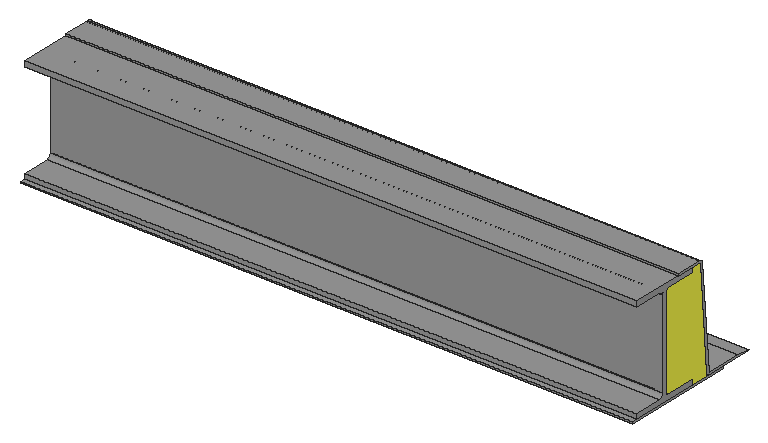
Revit family "XK 90", category Generic Models, Revit 2014
Parameters (values of type "Max lintel length 6600mm")
  URL = "http://www.keystonelintels.co.uk"
  Structural Opening [instance] = 900 mm
  Structural Performance = "The Keystone lintel range has safe working loads as detailed in each applicable loading table in the Keystone Lintel Guide brochure. The structural performance figures within each table have been ascertained by testing in accordance with the requirements of standards BS EN 5977-2: 1983 and BS EN 845-2: 2003."
  RIBA Productor Selector = "available for Keystone Lintels Ltd from Keystone Lintels Ltd from ribaproductselector.com"
  Model = "X/K 90"
  Min Length = 600 mm
  Min Clear Span = 300 mm
  Max Length = 6600 mm
  Max Clear Span = 6600 mm
  Material - Stainless Steel = "Grade 304 2b 1.4307 to BS EN 10088-2. Other grades available on request: contact manufacturer."
  Material - Galvanised Steel = "To BS EN 10346: 2009. DX51D plus Z600 or grade Z275 to BS 5977-2: 1983 (BS EN 845-2: 2003)."
  Manufacturer = "Keystone"
  Manufactured Length [instance] = (roundup(Effective Length / 150 mm) * 150 mm)  # 1200 mm
  Lintel height [instance] = 2100 mm
  Keynote = "F30/755"
  Fire Performance = "Keystone lintels have been subjected to a fire test (WARRES No. 101263) in accordance with BS 476-20: 1987, at Exova Warrington Fire and achieved a one hour fire performance."
  End Bearing = 150 mm
  Effective Length [instance] = Clear Opening with MIN MAX set + End Bearing * 2  # 1200 mm
  Corrosion = "Keystone’s standard range of lintels are manufactured from high quality grade pre-galvanized carbon steel with a zinc coating of 600"
  Contact Tel = "+44 (0)28 8676 2184"
  Contact Email = "info@keystonelintels.co.uk"
  Clear Opening with MIN MAX set [instance] = if(Structural Opening < Min Clear Span, Min Clear Span, (if(Structural Opening > Max Clear Span, Max Clear Span, Structural Opening)))  # 900 mm
  CPD Information = "Available for Keystone Lintels Ltd from ribacpd.com"
Reference planes
  plane 1 "Center (Front/Back)": y = 0
  plane 2: z = 0
  plane 3 "Center (Left/Right)": x = 0
  plane 4: x = -600
  plane 5: x = 600
  plane 6: z = 2100
  plane 7: x = -450
  plane 8: x = 450
Forms (mm)
  Extrusion 1, solid, material "Steel"
    sketch origin (0, 684.158, -506.841) x (0, 1, 0) y (0, 0, 1)
      loop
        line (-600.602, 2606.841) -> (-575.617, 2605.979) -> (-575.507, 2609.177) -> (-600.492, 2610.041) -> (-671.648, 2610.041)
        arc (-671.648, 2610.041) -> (-672.872, 2610.522) -> (-673.443, 2611.706) r 1.8
        line (-673.443, 2611.706) -> (-688.493, 2812.143)
        arc (-688.493, 2812.143) -> (-690.174, 2815.491) -> (-693.669, 2816.841) r 5.2
        line (-693.669, 2816.841) -> (-746.169, 2816.841) -> (-746.169, 2813.641) -> (-693.669, 2813.641)
        arc (-693.669, 2813.641) -> (-692.335, 2813.131) -> (-691.681, 2811.86) r 2
        line (-691.681, 2811.86) -> (-676.634, 2611.467)
        arc (-676.634, 2611.467) -> (-675.049, 2608.176) -> (-671.648, 2606.841) r 5
        line (-671.648, 2606.841) -> (-600.602, 2606.841)
    from -600 to 600
  Extrusion 2, solid, material "Steel"
    sketch origin (0, 684.158, -506.841) x (0, 1, 0) y (0, 0, 1)
      loop
        line (-638.466, 2603.641) -> (-638.466, 2606.841) -> (-858.466, 2606.841) -> (-858.466, 2603.641) -> (-638.466, 2603.641)
    from -600 to 600
  Extrusion 3, solid, material "Steel"
    sketch origin (0, 684.158, -506.841) x (0, 1, 0) y (0, 0, 1)
      loop
        line (-848.466, 2606.841) -> (-714.566, 2606.841) -> (-714.566, 2616.441) -> (-770.716, 2616.441)
        arc (-770.716, 2616.441) -> (-776.09, 2618.667) -> (-778.316, 2624.041) r 7.6
        line (-778.316, 2624.041) -> (-778.316, 2796.441)
        arc (-778.316, 2796.441) -> (-776.09, 2801.815) -> (-770.716, 2804.041) r 7.6
        line (-770.716, 2804.041) -> (-714.566, 2804.041) -> (-714.566, 2813.641) -> (-848.466, 2813.641) -> (-848.466, 2804.041) -> (-792.316, 2804.041)
        arc (-792.316, 2804.041) -> (-786.942, 2801.815) -> (-784.716, 2796.441) r 7.6
        line (-784.716, 2796.441) -> (-784.716, 2624.041)
        arc (-784.716, 2624.041) -> (-786.942, 2618.667) -> (-792.316, 2616.441) r 7.6
        line (-792.316, 2616.441) -> (-848.466, 2616.441) -> (-848.466, 2606.841)
    from -600 to 600
  Extrusion 4, solid, material "Insulation"
    sketch origin (0, 684.158, -506.841) x (0, 1, 0) y (0, 0, 1)
      loop
        line (-714.566, 2606.841) -> (-671.648, 2606.841)
        arc (-671.648, 2606.841) -> (-675.049, 2608.176) -> (-676.634, 2611.467) r 5
        line (-676.634, 2611.467) -> (-691.681, 2811.86)
        arc (-691.681, 2811.86) -> (-692.335, 2813.131) -> (-693.669, 2813.641) r 2
        line (-693.669, 2813.641) -> (-714.566, 2813.641) -> (-714.566, 2804.041) -> (-770.716, 2804.041)
        arc (-770.716, 2804.041) -> (-776.09, 2801.815) -> (-778.316, 2796.441) r 7.6
        line (-778.316, 2796.441) -> (-778.316, 2624.041)
        arc (-778.316, 2624.041) -> (-776.09, 2618.667) -> (-770.716, 2616.441) r 7.6
        line (-770.716, 2616.441) -> (-714.566, 2616.441) -> (-714.566, 2606.841)
    from -600 to 600
  Extrusion 5, solid, not visible
    sketch origin (0, 878.778, 1210.251) x (0, 1, 0) y (0, 0, 1)
      loop
        line (-600.602, 1006.841) -> (-575.617, 1005.979) -> (-575.507, 1009.177) -> (-600.492, 1010.041) -> (-671.648, 1010.041)
        arc (-671.648, 1010.041) -> (-672.872, 1010.522) -> (-673.443, 1011.706) r 1.8
        line (-673.443, 1011.706) -> (-688.493, 1212.143)
        arc (-688.493, 1212.143) -> (-690.174, 1215.491) -> (-693.669, 1216.841) r 5.2
        line (-693.669, 1216.841) -> (-746.169, 1216.841) -> (-746.169, 1213.641) -> (-693.669, 1213.641)
        arc (-693.669, 1213.641) -> (-692.335, 1213.131) -> (-691.681, 1211.86) r 2
        line (-691.681, 1211.86) -> (-676.634, 1011.467)
        arc (-676.634, 1011.467) -> (-675.049, 1008.176) -> (-671.648, 1006.841) r 5
        line (-671.648, 1006.841) -> (-600.602, 1006.841)
    from 0 to 250
  Extrusion 6, solid, not visible
    sketch origin (0, 560.853, 1174.714) x (0, 1, 0) y (0, 0, 1)
      loop
        line (-848.466, 1006.841) -> (-714.566, 1006.841) -> (-714.566, 1016.441) -> (-770.716, 1016.441)
        arc (-770.716, 1016.441) -> (-776.09, 1018.667) -> (-778.316, 1024.041) r 7.6
        line (-778.316, 1024.041) -> (-778.316, 1196.441)
        arc (-778.316, 1196.441) -> (-776.09, 1201.815) -> (-770.716, 1204.041) r 7.6
        line (-770.716, 1204.041) -> (-714.566, 1204.041) -> (-714.566, 1213.641) -> (-848.466, 1213.641) -> (-848.466, 1204.041) -> (-792.316, 1204.041)
        arc (-792.316, 1204.041) -> (-786.942, 1201.815) -> (-784.716, 1196.441) r 7.6
        line (-784.716, 1196.441) -> (-784.716, 1024.041)
        arc (-784.716, 1024.041) -> (-786.942, 1018.667) -> (-792.316, 1016.441) r 7.6
        line (-792.316, 1016.441) -> (-848.466, 1016.441) -> (-848.466, 1006.841)
    from 0 to 250
  Extrusion 7, solid, not visible
    sketch origin (0, 987.235, 992.411) x (0, 1, 0) y (0, 0, 1)
      loop
        line (-638.466, 1003.641) -> (-638.466, 1006.841) -> (-858.466, 1006.841) -> (-858.466, 1003.641) -> (-638.466, 1003.641)
    from 0 to 250
  Extrusion 8, solid, not visible
    sketch origin (0, 474.805, 812.836) x (0, 1, 0) y (0, 0, 1)
      loop
        line (-714.566, 1006.841) -> (-671.648, 1006.841)
        arc (-671.648, 1006.841) -> (-675.049, 1008.176) -> (-676.634, 1011.467) r 5
        line (-676.634, 1011.467) -> (-691.681, 1211.86)
        arc (-691.681, 1211.86) -> (-692.335, 1213.131) -> (-693.669, 1213.641) r 2
        line (-693.669, 1213.641) -> (-714.566, 1213.641) -> (-714.566, 1204.041) -> (-770.716, 1204.041)
        arc (-770.716, 1204.041) -> (-776.09, 1201.815) -> (-778.316, 1196.441) r 7.6
        line (-778.316, 1196.441) -> (-778.316, 1024.041)
        arc (-778.316, 1024.041) -> (-776.09, 1018.667) -> (-770.716, 1016.441) r 7.6
        line (-770.716, 1016.441) -> (-714.566, 1016.441) -> (-714.566, 1006.841)
    from 0 to 250
Lines and regions (mm)
  model lines
    curve 1: line (0, -164.308, 2100) -> (0, -174.308, 2100)
Dimensions and locks
  equal spacing: plane 4, plane 3 "Center (Left/Right)", plane 5
  "Manufactured Length": plane 4 to plane 5
  "Lintel height": plane 6 to level
  "Structural Opening": plane 7 to plane 8
  equal spacing: plane 7, plane 3 "Center (Left/Right)", plane 8
  aligned and locked: level to plane 2
  aligned and locked: Extrusion 1 to plane 6
  aligned and locked: Extrusion 4 to plane 6
  aligned and locked: Extrusion 3 to plane 6
  aligned and locked: plane 6 to Extrusion 2
  aligned and locked: plane 5 to Extrusion 2
  aligned and locked: Extrusion 2 to plane 4
  aligned and locked: plane 5 to Extrusion 3
  aligned and locked: Extrusion 3 to plane 4
  aligned and locked: plane 5 to Extrusion 1
  aligned and locked: Extrusion 1 to plane 4
  aligned and locked: plane 5 to Extrusion 4
  aligned and locked: Extrusion 4 to plane 4
Automatic sketch dimensions
  Extrusion 1 sketch curve to Extrusion 1 sketch curve = 24.985 mm
  Extrusion 1 sketch curve to Extrusion 1 sketch curve = 0.11 mm  (x2)
  Extrusion 1 sketch curve to Extrusion 1 sketch curve = 0.862 mm
  Extrusion 1 sketch curve to Extrusion 1 sketch curve = 3.2 mm
  Extrusion 1 sketch curve to Extrusion 1 sketch curve = 71.046 mm
  Extrusion 1 sketch curve to Extrusion 1 sketch curve = 1.8 mm
  Extrusion 1 sketch curve to Extrusion 1 sketch curve = 4.986 mm
  Extrusion 1 sketch curve to Extrusion 1 sketch curve = 1.795 mm
  Extrusion 1 sketch curve to Extrusion 1 sketch curve = 15.051 mm
  Extrusion 1 sketch curve to Extrusion 1 sketch curve = 200.436 mm
  Extrusion 1 sketch curve to Extrusion 1 sketch curve = 3.188 mm
  Extrusion 1 sketch curve to Extrusion 1 sketch curve = 0.282 mm
  Extrusion 1 sketch curve to Extrusion 1 sketch curve = 1.988 mm
  Extrusion 1 sketch curve to Extrusion 1 sketch curve = 0.219 mm
  Extrusion 1 sketch curve to Extrusion 1 sketch curve = 52.5 mm
  Extrusion 1 sketch curve to Extrusion 1 sketch curve = 0 mm  (x8)
  Extrusion 2 sketch curve to Extrusion 2 sketch curve = 220 mm
  Extrusion 2 sketch curve to Extrusion 2 sketch curve = 3.2 mm
  Extrusion 3 sketch curve to Extrusion 3 sketch curve = 133.9 mm
  Extrusion 3 sketch curve to Extrusion 3 sketch curve = 9.6 mm  (x3)
  Extrusion 3 sketch curve to Extrusion 3 sketch curve = 56.15 mm  (x2)
  Extrusion 3 sketch curve to Extrusion 3 sketch curve = 7.6 mm  (x3)
  Extrusion 3 sketch curve to Extrusion 3 sketch curve = 0 mm  (x2)
  Extrusion 3 sketch curve to Extrusion 3 sketch curve = 6.4 mm
  Extrusion 3 sketch curve to Extrusion 3 sketch curve = 172.4 mm
  Extrusion 3 sketch curve to Extrusion 3 sketch curve = 63.75 mm
  Extrusion 4 sketch curve to Extrusion 4 sketch curve = 7.6 mm  (x3)
  Extrusion 4 sketch curve to Extrusion 4 sketch curve = 56.15 mm  (x2)
  Extrusion 4 sketch curve to Extrusion 4 sketch curve = 20.896 mm
  Extrusion 4 sketch curve to Extrusion 4 sketch curve = 1.988 mm
  Extrusion 4 sketch curve to Extrusion 4 sketch curve = 37.932 mm
  Extrusion 4 sketch curve to Extrusion 4 sketch curve = 4.626 mm
  Extrusion 4 sketch curve to Extrusion 4 sketch curve = 0.374 mm
  Extrusion 4 sketch curve to Extrusion 4 sketch curve = 9.6 mm
  Extrusion 4 sketch curve to Extrusion 4 sketch curve = 172.4 mm
  Extrusion 4 sketch curve to Extrusion 4 sketch curve = 0.219 mm
  Extrusion 5 sketch curve to Extrusion 5 sketch curve = 24.985 mm
  Extrusion 5 sketch curve to Extrusion 5 sketch curve = 0.11 mm  (x2)
  Extrusion 5 sketch curve to Extrusion 5 sketch curve = 0.862 mm
  Extrusion 5 sketch curve to Extrusion 5 sketch curve = 3.2 mm
  Extrusion 5 sketch curve to Extrusion 5 sketch curve = 71.046 mm
  Extrusion 5 sketch curve to Extrusion 5 sketch curve = 1.8 mm
  Extrusion 5 sketch curve to Extrusion 5 sketch curve = 4.986 mm
  Extrusion 5 sketch curve to Extrusion 5 sketch curve = 1.795 mm
  Extrusion 5 sketch curve to Extrusion 5 sketch curve = 15.051 mm
  Extrusion 5 sketch curve to Extrusion 5 sketch curve = 200.436 mm
  Extrusion 5 sketch curve to Extrusion 5 sketch curve = 3.188 mm
  Extrusion 5 sketch curve to Extrusion 5 sketch curve = 0.282 mm
  Extrusion 5 sketch curve to Extrusion 5 sketch curve = 1.988 mm
  Extrusion 5 sketch curve to Extrusion 5 sketch curve = 0.219 mm
  Extrusion 5 sketch curve to Extrusion 5 sketch curve = 52.5 mm
  Extrusion 5 sketch curve to Extrusion 5 sketch curve = 0 mm  (x8)
  Extrusion 6 sketch curve to Extrusion 6 sketch curve = 133.9 mm
  Extrusion 6 sketch curve to Extrusion 6 sketch curve = 9.6 mm  (x3)
  Extrusion 6 sketch curve to Extrusion 6 sketch curve = 56.15 mm  (x2)
  Extrusion 6 sketch curve to Extrusion 6 sketch curve = 7.6 mm  (x3)
  Extrusion 6 sketch curve to Extrusion 6 sketch curve = 0 mm  (x2)
  Extrusion 6 sketch curve to Extrusion 6 sketch curve = 6.4 mm
  Extrusion 6 sketch curve to Extrusion 6 sketch curve = 172.4 mm
  Extrusion 6 sketch curve to Extrusion 6 sketch curve = 63.75 mm
  Extrusion 7 sketch curve to Extrusion 7 sketch curve = 220 mm
  Extrusion 7 sketch curve to Extrusion 7 sketch curve = 3.2 mm
  Extrusion 8 sketch curve to Extrusion 8 sketch curve = 7.6 mm  (x3)
  Extrusion 8 sketch curve to Extrusion 8 sketch curve = 56.15 mm  (x2)
  Extrusion 8 sketch curve to Extrusion 8 sketch curve = 20.896 mm
  Extrusion 8 sketch curve to Extrusion 8 sketch curve = 1.988 mm
  Extrusion 8 sketch curve to Extrusion 8 sketch curve = 37.932 mm
  Extrusion 8 sketch curve to Extrusion 8 sketch curve = 4.626 mm
  Extrusion 8 sketch curve to Extrusion 8 sketch curve = 0.374 mm
  Extrusion 8 sketch curve to Extrusion 8 sketch curve = 9.6 mm
  Extrusion 8 sketch curve to Extrusion 8 sketch curve = 172.4 mm
  Extrusion 8 sketch curve to Extrusion 8 sketch curve = 0.219 mm
  plane 6 to curve 1 = 0 mm
  plane 1 "Center (Front/Back)" to curve 1 = 174.308 mm
  curve 1 to curve 1 = 10 mm
  Extrusion 4 sketch curve to plane 6 = 0 mm
  plane 1 "Center (Front/Back)" to Extrusion 4 sketch curve = 94.158 mm
  Extrusion 2 sketch curve to plane 6 = 0 mm
  plane 1 "Center (Front/Back)" to Extrusion 2 sketch curve = 174.308 mm
  Extrusion 1 sketch curve to plane 6 = 0 mm
  plane 1 "Center (Front/Back)" to Extrusion 1 sketch curve = 62.012 mm
  Extrusion 3 sketch curve to plane 6 = 0 mm
  plane 1 "Center (Front/Back)" to Extrusion 3 sketch curve = 164.308 mm
